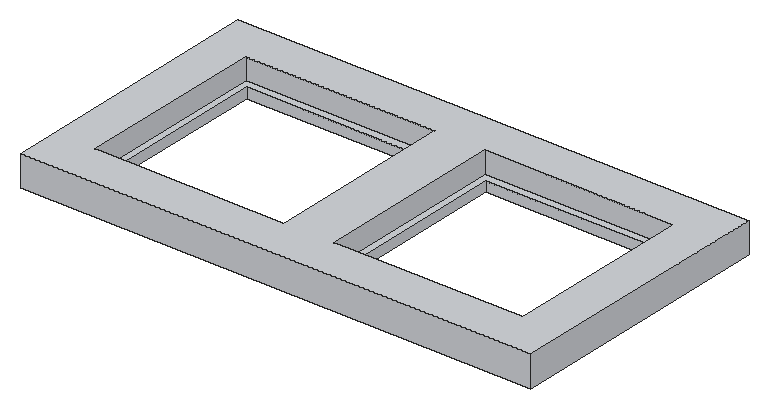
Revit family "Gira_021229", category Electrical Fixtures, host Face, Revit 2017
Family settings
  Host = Face
  Maintain Annotation Orientation = No
  Round Connector Dimension = Use Diameter
  Part Type = Normal
  Cut with Voids When Loaded = No
  Shared = No
  Room Calculation Point = No
Parameters (values of type "Cov.fr. 2-g Gira E2 p.white")
  With mounting grid = "No"
  With hinged lid = "No"
  URL = "http://katalog.gira.de/en/datenblatt.html?artikelnr=021229"
  Type of fastening = "Clamp mounting"
  Transparent = "No"
  Surface protection = "Other"
  Surface finishing = "Glossy"
  Suitable for wall duct = "No"
  Suitable for flush-mounted installation = "Yes"
  Suitable for floor box = "No"
  Suitable for built-in installation = "No"
  RAL-number (akin) = "9010"
  Number of units vertical = "2"
  Number of units horizontal = "2"
  Number of units = "2"
  Name = "Cov.fr. 2-g Gira E2 p.white"
  Mounting direction = "Horizontal and vertical"
  Material quality = "Thermoplastic"
  Material = "Plastic"
  Manufacturer URL = "https://www.gira.de/"
  Manufacturer = "Gira"
  Label space/information surface = "No"
  Keynote = ""
  HeinzeBIM = "https://bimportal.heinze.de/bim/cov-fr-2-g-gira-e2-p-white/736054c01ae7b414b81fcb318f4ddf057d4e1643"
  Halogen free = "Yes"
  HAN = "021229"
  GTIN = "4010337212294"
  Description = "Cov.fr.2g E2 PW,Gira E2 cover frame,pure white glossy,2-gang,Features:,- Shatter-proof.,,Notes :,- Also suitable for duct installation.,- In connection with the seal kit, frame (1-gang to 5-gang) is also suitable for installation as water-protected flush-mounted IP44."
  Degree of protection (IP) = "IP20"
  Default Elevation = 1219.2 mm
  Data sheet (1) = "https://katalog.gira.de/en/download.html?artikelnr=021229"
  Colour = "White"
  Category = "Cover frame for domestic switching devices"
  BIM (1) = "https://media.stage.bim.site/public/gira/36a6b08/E2_Rahmen_2fach.rfa"
  Available = "No"
Reference planes
  plane 1 "Center (Front/Back)": y = 0
  plane 2: z = 0
  plane 3 "Center (Left/Right)": x = 0
Forms (mm)
  Extrusion 1, solid, detail levels fine
    sketch origin (0, 0, 0) x (1, 0, 0) y (0, 1, 0)
      loop
        line (75.95, 40.4) -> (-75.95, 40.4) -> (-75.95, -40.4) -> (75.95, -40.4) -> (75.95, 40.4)
      loop
        line (-63.702, 28.152) -> (-63.702, -28.152) -> (-7.398, -28.152) -> (-7.398, 28.152) -> (-63.702, 28.152)
      loop
        line (7.398, 28.152) -> (7.398, -28.152) -> (63.702, -28.152) -> (63.702, 28.152) -> (7.398, 28.152)
    from 0 to 9.3
  Extrusion 2, solid, detail levels fine
    sketch origin (-35.55, 0, 0) x (1, 0, 0) y (0, 1, 0)
      loop
        line (-28.152, -28.152) -> (28.152, -28.152) -> (28.152, 28.152) -> (-28.152, 28.152) -> (-28.152, -28.152)
      loop
        line (25.9, -25.7) -> (25.9, 25.7) -> (-25.9, 25.7) -> (-25.9, -25.7) -> (25.9, -25.7)
    from 0 to 3
  Extrusion 3, solid, detail levels coarse+medium
    sketch origin (0, 0, 0) x (1, 0, 0) y (0, 1, 0)
      loop
        line (75.95, 40.4) -> (-75.95, 40.4) -> (-75.95, -40.4) -> (75.95, -40.4) -> (75.95, 40.4)
    from 0 to 9.3
  Extrusion 4, solid, detail levels fine
    sketch origin (35.55, -0.047, 0) x (1, 0, 0) y (0, 1, 0)
      loop
        line (-28.152, -28.106) -> (28.152, -28.106) -> (28.152, 28.199) -> (-28.152, 28.199) -> (-28.152, -28.106)
      loop
        line (25.9, -25.653) -> (25.9, 25.747) -> (-25.9, 25.747) -> (-25.9, -25.653) -> (25.9, -25.653)
    from 0 to 3
Dimensions and locks
  aligned and locked: plane 2 to host face
  aligned and locked: level to host face
